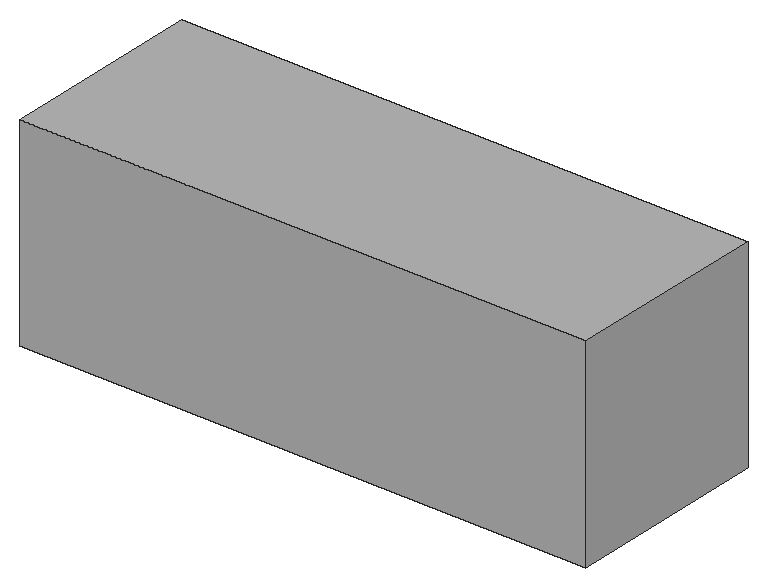
Revit family "215x215x600mm Padstone -PS104", category Generic Models, Revit 2020
Family settings
  Can host rebar = No
  Round Connector Dimension = Use Diameter
  Part Type = Normal
  Work Plane-Based = No
  Always vertical = Yes
  Cut with Voids When Loaded = No
  Shared = No
  Room Calculation Point = No
Parameters
  Weight = "67Kg"
  Warranty Guarantor Parts = "n/a"
  Warranty Guarantor Labour = "n/a"
  Warranty Duration Unit = "n/a"
  Warranty Duration Parts = "n/a"
  Warranty Duration Labour = "n/a"
  Warranty Description = "n/a"
  Unit Width [instance] = 215 mm
  Unit Length [instance] = 600 mm
  Unit Height [instance] = 215 mm
  URL = "www.killeshal.com"
  Types = "Single"
  Type Comments = "Visit our website for a full list of available products."
  Sustainability Performance = "n/a"
  Structural Class = "n/a"
  Span = "Length."
  Slope = "0.00°"
  Size = "215 Wide x 215 High x 600mm Long."
  Shape = "As per drawing"
  Service Life = "0.000000"
  Serial Number = "n/a"
  Resistance to Fire = "n/a"
  Replacement Cost = "n/a"
  Reference = "n/a"
  Notified Body = "n/a"
  Nominal Cover to Main Bar = "n/a"
  Model = "P/104 Padstone."
  Mechanical Resistance = "n/a"
  Manufacturer = "Killeshal Precast Concrete Ltd."
  Load Bearing = yes
  Life Cycle Environmental Load = "n/a"
  Length Options = "Stock sizes available. Custom sizes made to order."
  Keynote = "The information contained is the sole property of KPC Ltd., any reproduction in part or whole without permission of KPC Ltd. is prohibited."
  Environmental Product Declaration = "n/a"
  Environmental Class = "n/a"
  Durability against Corrosion = "n/a"
  Dimension Accuracy Class = "n/a"
  Detailing = "As per design specification and product drawings."
  Description = "Padstone 215 x 215 x 600mm."
  Default Elevation = 0 mm
  Dangerous Substances = "n/a"
  Contact Tel = "0035357 9353018"
  Contact Email = "sales@killeshal.com"
  Construction Type = "Precast"
  Construction Tolerance Class = "n/a"
  Compressive Strength of Concrete = "40N/mm²"
  Characteristics of Reinforcing Steel = "n/a"
  Characteristics Deflection Under Load = "n/a"
Reference planes
  plane 1 "Center (Front/Back)": y = 0
  plane 2: z = 0
  plane 3 "Center (Left/Right)": x = 0
  plane 4 "Rear": y = 107.5
  plane 5 "Front": y = -107.5
  plane 6 "Top": z = 215
Forms (mm)
  Extrusion 1, solid, material "Precast Concrete (KPC)"
    sketch origin (0, 0, 0) x (0, 1, 0) y (0, 0, 1)
      loop
        line (107.5, 0) -> (107.5, 215) -> (-107.5, 215) -> (-107.5, 0) -> (107.5, 0)
    from 0 to 600
Dimensions and locks
  "Unit Length": Extrusion 1 to Extrusion 1
  "Unit Width": Extrusion 1 to Extrusion 1
  "Unit Height": Extrusion 1 to Extrusion 1
  aligned and locked: level to plane 2
Automatic sketch dimensions
  Extrusion 1 sketch curve to level = 0 mm
  Extrusion 1 sketch curve to plane 5 "Front" = 0 mm
  Extrusion 1 sketch curve to plane 4 "Rear" = 0 mm
  Extrusion 1 sketch curve to plane 6 "Top" = 0 mm
